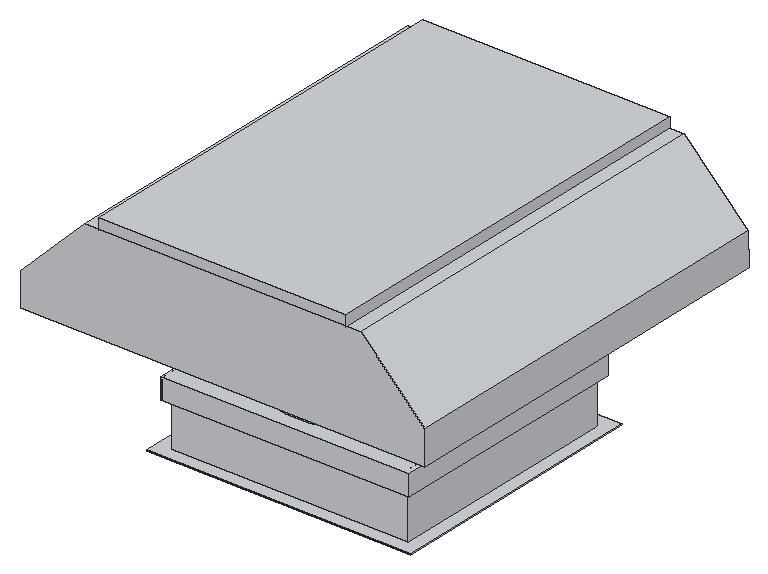
Revit family "HEE", category Mechanical Equipment, Revit 2019
Family settings
  Round Connector Dimension = Use Diameter
  Part Type = Normal
  Work Plane-Based = No
  Always vertical = Yes
  Cut with Voids When Loaded = No
  Shared = No
  Room Calculation Point = No
Parameters (values of type "24-HEE")
  Unit Weight [instance] = ""
  Sones [instance] = ""
  RO/2 = RO / 2  # 15 3/4"
  Motor RPM [instance] = ""
  Motor Enclosure [instance] = ""
  ModelID [instance] = ""
  LwA [instance] = ""
  W/2 = W / 2  # 29 1/2"
  L/2 = L / 2  # 29 1/2"
  RO = T_SQ - 4 1/2"  # 31 1/2"
  T_SQ/2 = T_SQ / 2  # 18"
  Fan RPM [instance] = ""
  T_SQ = 36"
  W = 59"
  L = 59"
  CURB_HEIGHT [instance] = 9 1/2"
  CURB [instance] = yes
  C/2 = C / 2  # 5"
  C = 10"
  Brake Hp [instance] = ""
  B/2 = B / 2  # 1 1/2"
  B-.125" = B - 1/8"  # 2 7/8"
  Accessories [instance] = ""
  A-C = A - C  # 18 3/4"
  B = 3"
  A/2 = A / 2  # 14 3/8"
  A-1.5" = A - 1 1/2"  # 27 1/4"
  A = 28 3/4"
  4" = 4"  # constant formula
  2' = 24"
  2" = 2"  # constant formula
  1" = 1"  # constant formula
  0 = 0"  # constant formula
  Voltage [instance] = 0 V
  URL = "www.lorencook.com"
  Type Comments = "Hooded Exhaust Ventilator Extruded Aluminum Propeller Roof Mounted/Belt Drive"  # constant formula
  Static Pressure [instance] = 0.00 in-wg
  Power [instance] = Voltage * Motor FLA * sqrt(if(Phase = 3, 3, 1))  # 0 VA
  Phase [instance] = 0
  Number of Poles [instance] = 1
  Motor Hp [instance] = "0"
  Motor FLA [instance] = 0 A
  Model = "HEE"  # constant formula
  Manufacturer = "Loren Cook Company"
  CFM [instance] = 0 CFM
  1.5 = 1 1/2"  # constant formula
  ONE EIGTH = 1/8"  # constant formula
  -L/2 = -L / 2  # -29 1/2"
  -(C/2) = -(C / 2)  # -5"
  -(A/2) = -(A / 2)  # -14 3/8"
  (T_SQ/2)-2" = (T_SQ / 2) - 2"  # 16"
  (T_SQ/2)+.125" = (T_SQ / 2) + 1/8"  # 18 1/8"
  (A-C)/2 = (A - C) / 2  # 9 3/8"
Types (9): name | RO/2 | W/2 | L/2 | RO | T_SQ/2 | T_SQ | W | L | C/2 | C | A-C | A/2 | A-1.5" | A | -L/2 | -(C/2) | -(A/2) | (T_SQ/2)-2" | (T_SQ/2)+.125" | (A-C)/2
  (no name) | 15 3/4" | 29 1/2" | 29 1/2" | 31 1/2" | 18" | 36" | 59" | 59" | 5" | 10" | 18 3/4" | 14 3/8" | 27 1/4" | 28 3/4" | -29 1/2" | -5" | -14 3/8" | 16" | 18 1/8" | 9 3/8"
  24-HEE | 15 3/4" | 29 1/2" | 29 1/2" | 31 1/2" | 18" | 36" | 59" | 59" | 5" | 10" | 18 3/4" | 14 3/8" | 27 1/4" | 28 3/4" | -29 1/2" | -5" | -14 3/8" | 16" | 18 1/8" | 9 3/8"
  30-HEE | 18 3/4" | 34 1/2" | 34 1/2" | 37 1/2" | 21" | 42" | 69" | 69" | 5" | 10" | 20 1/2" | 15 1/4" | 29" | 30 1/2" | -34 1/2" | -5" | -15 1/4" | 19" | 21 1/8" | 10 1/4"
  36-HEE | 21 3/4" | 40" | 40" | 43 1/2" | 24" | 48" | 80" | 80" | 5" | 10" | 23" | 16 1/2" | 31 1/2" | 33" | -40" | -5" | -16 1/2" | 22" | 24 1/8" | 11 1/2"
  42-HEE | 24 3/4" | 45" | 45" | 49 1/2" | 27" | 54" | 90" | 90" | 5" | 10" | 28" | 19" | 36 1/2" | 38" | -45" | -5" | -19" | 25" | 27 1/8" | 14"
  48-HEE | 27 3/4" | 45" | 55" | 55 1/2" | 30" | 60" | 90" | 110" | 6 3/4" | 13 1/2" | 28" | 20 3/4" | 40" | 41 1/2" | -55" | -6 3/4" | -20 3/4" | 28" | 30 1/8" | 14"
  54-HEE | 30 3/4" | 54 1/2" | 55 1/2" | 61 1/2" | 33" | 66" | 109" | 111" | 7 3/8" | 14 3/4" | 29 3/4" | 22 1/4" | 43" | 44 1/2" | -55 1/2" | -7 3/8" | -22 1/4" | 31" | 33 1/8" | 14 7/8"
  60-HEE | 33 3/4" | 59 1/2" | 60 1/2" | 67 1/2" | 36" | 72" | 119" | 121" | 7 3/8" | 14 3/4" | 29 3/4" | 22 1/4" | 43" | 44 1/2" | -60 1/2" | -7 3/8" | -22 1/4" | 34" | 36 1/8" | 14 7/8"
  72-HEE | 39 3/4" | 59 1/2" | 73" | 79 1/2" | 42" | 84" | 119" | 146" | 8 7/8" | 17 3/4" | 24 1/4" | 21" | 40 1/2" | 42" | -73" | -8 7/8" | -21" | 40" | 42 1/8" | 12 1/8"
Reference planes (in)
  plane 1 "Center (Front/Back)": y = 0
  plane 2: z = 0
  plane 3 "Center (Left/Right)": x = 0.40541
Forms (in)
  Extrusion 1, solid
    sketch origin (0, 0, 0) x (1, 0, 0) y (0, 1, 0)
      loop
        line (-17.71959, 18.125) -> (-17.71959, -18.125) -> (18.53041, -18.125) -> (18.53041, 18.125) -> (-17.71959, 18.125)
    from 0 to 3 <- "B"
  Extrusion 2, void
    sketch origin (0, 0, 0) x (1, 0, 0) y (0, 1, 0)
      loop
        line (-17.59459, 18) -> (-17.59459, -18) -> (18.40541, -18) -> (18.40541, 18) -> (-17.59459, 18)
    from 0 to 2.875 <- "B-.125""
  Revolve 3, solid
    sketch origin (0, 0, 0) x (1, 0, 0) y (0, 0, 1)
      loop
        line (0.40541, 3) -> (16.40541, 3)
        arc (16.40541, 3) -> (11.40541, 8) -> (16.40541, 13) r 5
        line (16.40541, 13) -> (0.40541, 13) -> (0.40541, 3)
      axis (0.40541, 13) -> (0.40541, 3)
    angle from 0 to 360
  Extrusion 4, solid
    sketch origin (0, 0, 0) x (1, 0, 0) y (0, 0, 1)
      loop
        line (-29.09459, 13) -> (29.90541, 13) -> (29.90541, 27.25) -> (-29.09459, 27.25) -> (-29.09459, 13)
    from -29.5 <- "-L/2" to 29.5 <- "L/2"
  Extrusion 5, solid
    sketch origin (0, 0, 0) x (1, 0, 0) y (0, 0, 1)
      loop
        line (-17.59459, 27.25) -> (18.40541, 27.25) -> (18.40541, 28.75) -> (-17.59459, 28.75) -> (-17.59459, 27.25)
    from 29.5 <- "L/2" to -29.5 <- "-L/2"
  Extrusion 6, void
    sketch origin (0, 0, 0) x (1, 0, 0) y (0, 0, 1)
      loop
        line (20.53041, 27.25) -> (29.90541, 17.875) -> (29.90541, 27.25) -> (20.53041, 27.25)
      loop
        line (-19.71959, 27.25) -> (-29.09459, 27.25) -> (-29.09459, 17.875) -> (-19.71959, 27.25)
    from 29.5 <- "L/2" to -29.5 <- "-L/2"
  Extrusion 7, solid, visible <- "CURB"
    sketch origin (0, 0, 2.875) x (0, 1, 0) y (1, 0, 0)
      loop
        line (15.75, -15.34459) -> (15.75, 16.15541) -> (-15.75, 16.15541) -> (-15.75, -15.34459) -> (15.75, -15.34459)
      loop
        line (-17.25, 17.65541) -> (-17.25, -16.84459) -> (17.25, -16.84459) -> (17.25, 17.65541) -> (-17.25, 17.65541)
    from 0 to 9.5 <- "CURB_HEIGHT"
  Extrusion 8, solid, visible <- "CURB"
    sketch origin (0, 0, -6.625) x (-1, 0, 0) y (0, 1, 0)
      loop
        line (16.84459, -17.25) -> (16.84459, 17.25) -> (-17.65541, 17.25) -> (-17.65541, -17.25) -> (16.84459, -17.25)
      loop
        line (-19.65541, 19.25) -> (-19.65541, -19.25) -> (18.84459, -19.25) -> (18.84459, 19.25) -> (-19.65541, 19.25)
    from 0 to -0.125
Cuts and joins
  Extrusion 2 cuts Extrusion 1
  Extrusion 6 cuts Extrusion 4
  Extrusion 6 cuts Extrusion 5
Dimensions and locks (in)
  "(T_SQ/2)+.125"": Extrusion 1 sketch curve to plane 3 "Center (Left/Right)"
  "(T_SQ/2)+.125"": plane 3 "Center (Left/Right)" to Extrusion 1 sketch curve
  "(T_SQ/2)+.125"": plane 1 "Center (Front/Back)" to Extrusion 1 sketch curve
  "(T_SQ/2)+.125"": Extrusion 1 sketch curve to plane 1 "Center (Front/Back)"
  "T_SQ/2": Extrusion 2 sketch curve to plane 3 "Center (Left/Right)"
  "T_SQ/2": plane 3 "Center (Left/Right)" to Extrusion 2 sketch curve
  "T_SQ/2": plane 1 "Center (Front/Back)" to Extrusion 2 sketch curve
  "T_SQ/2": Extrusion 2 sketch curve to plane 1 "Center (Front/Back)"
  "C": Revolve 3 sketch curve to cut or joined group of Extrusion 1, Extrusion 2
  "(T_SQ/2)-2"": Revolve 3 sketch curve to plane 3 "Center (Left/Right)"
  "0": Revolve 3 sketch curve to plane 3 "Center (Left/Right)"  (x2)
  "0": Revolve 3 sketch curve to cut or joined group of Extrusion 1, Extrusion 2
  "A-1.5"": Extrusion 4 sketch curve to level
  "0": Extrusion 4 sketch curve to Revolve 3
  "W/2": Extrusion 4 sketch curve to plane 3 "Center (Left/Right)"  (x2)
  "0": Extrusion 5 sketch curve to Extrusion 4
  "1.5": Extrusion 5 sketch curve to Extrusion 5 sketch curve
  "T_SQ/2": Extrusion 5 sketch curve to plane 3 "Center (Left/Right)"
  "T_SQ/2": plane 3 "Center (Left/Right)" to Extrusion 5 sketch curve
  "0": Extrusion 6 sketch curve to Extrusion 4  (x3)
  "0": Extrusion 4 to Extrusion 6 sketch curve
  "(A-C)/2": Extrusion 6 sketch curve to Extrusion 6 sketch curve  (x4)
  "1.5": Extrusion 7 sketch curve to Extrusion 7 sketch curve  (x4)
  "RO/2": Extrusion 7 sketch curve to plane 3 "Center (Left/Right)"
  "RO/2": plane 3 "Center (Left/Right)" to Extrusion 7 sketch curve
  "RO/2": plane 1 "Center (Front/Back)" to Extrusion 7 sketch curve
  "RO/2": Extrusion 7 sketch curve to plane 1 "Center (Front/Back)"
  "2"": Extrusion 8 sketch curve to Extrusion 8 sketch curve  (x4)
  "0": Extrusion 7 to Extrusion 8 sketch curve
  "0": Extrusion 8 sketch curve to Extrusion 7  (x3)
Automatic sketch dimensions
  Revolve 3 sketch curve to level = 4"
  Revolve 3 sketch curve to Revolve 3 sketch curve = 0"
Connectors (in)
  hvac at (0.40541, 0, 2.875), driven by "RO", driven by "RO", driven by "CFM"
    settings: on cut or joined group of Extrusion 1, Extrusion 2, index 1, duct flow 0 CFM, flow factor 0, pres drop 0.00 in-wg, loss coef 0, conn angle 0.00°, conn width 31 1/2", conn height 31 1/2", conn diameter 24", duct sys type 3, conn prof type 1, flow config 0, flow direction 1, loss method 0, conn ref index -1, conn util no, is conn primary yes, conn desc ""
  electrical at (0.40541, 0, 2.875)
    settings: on cut or joined group of Extrusion 1, Extrusion 2, index 2, voltage 0 V, apparent load 0 VA, apparent load phase1 0 VA, apparent load phase2 0 VA, apparent load phase3 0 VA, power factor 1, load classification "Other", number of poles 1, system type 30, power factor state 1, is connector primary yes, connector utility no, sub classification motor no, connector description ""
